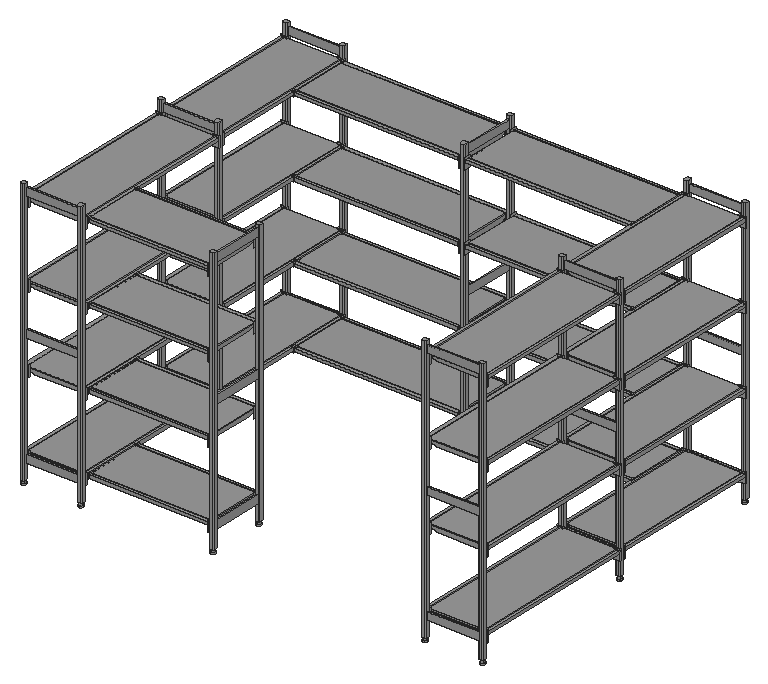
Revit family "QF_ELECTROLUXPROFESSIONAL_137106_CRS2820", category Attrezzature speciali, Revit 2020 (continued)
Definition of nested family "QF_886"
  Definition of nested family "WT_Anta373B"
    Automatic sketch dimensions
      Extrusion 7 sketch curve to plane 10 = 4.006 mm
      Extrusion 7 sketch curve to Extrusion 7 sketch curve = 34 mm  (x4)
      Extrusion 7 sketch curve to plane 11 = 4.006 mm
      Extrusion 7 sketch curve to plane 12 = 4.006 mm
      Extrusion 7 sketch curve to plane 13 = 4.006 mm
      Extrusion 7 sketch curve to plane 7 = 37.522 mm  (x4)
      Extrusion 7 sketch curve to plane 7 = 3.522 mm  (x4)
      plane 15 to Extrusion 7 sketch curve = 3.516 mm  (x4)
      plane 15 to Extrusion 7 sketch curve = 1.522 mm  (x4)
      plane 13 to Extrusion 7 sketch curve = 7.998 mm  (x2)
      Extrusion 7 sketch curve to Extrusion 7 sketch curve = 11.498 mm
      Extrusion 7 sketch curve to Extrusion 7 sketch curve = 6.499 mm  (x5)
      plane 12 to Extrusion 7 sketch curve = 25.994 mm  (x2)
      plane 12 to Extrusion 7 sketch curve = 7.998 mm  (x2)
      plane 11 to Extrusion 7 sketch curve = 25.994 mm  (x2)
      plane 11 to Extrusion 7 sketch curve = 7.998 mm  (x2)
      plane 10 to Extrusion 7 sketch curve = 25.994 mm  (x2)
      plane 10 to Extrusion 7 sketch curve = 7.998 mm  (x2)
      curve 25 to plane 18 = 0 mm
      plane 8 to curve 25 = 4.471 mm
      curve 25 to plane 7 = 4.516 mm
      Extrusion 8 sketch curve to plane 8 = 0 mm  (x3)
      Extrusion 8 sketch curve to plane 7 = 0 mm  (x3)
      Extrusion 8 sketch curve to plane 10 = 22.496 mm
      plane 10 to Extrusion 8 sketch curve = 22.496 mm
      plane 11 to Extrusion 8 sketch curve = 187.504 mm
      Extrusion 8 sketch curve to Extrusion 8 sketch curve = 44.992 mm
      plane 13 to Extrusion 8 sketch curve = 37.504 mm
      Extrusion 8 sketch curve to plane 5 "TOP" = 17.504 mm
Definition of nested family "QF_974"
  Parameters
    Default Elevation = 0 mm
    Model = "137013"
    Manufacturer = "Electrolux Professional"
    Description = ""
  Reference planes
    plane 1: z = 0
    plane 2 "Center (Left/Right)": x = -31
    plane 3 "LEFT": x = -550
    plane 4 "RIGHT": x = 488
    plane 5 "BACK": y = 23
    plane 6 "FRONT": y = -350
    plane 7 "TOP": z = 1700
    plane 8: x = 483
    plane 9: x = -518
    plane 10: x = 456
    plane 11 "Center (Front/Back)": y = -163.5
    plane 12: x = 451
    plane 13: y = -8.5
    plane 14: y = -318.5
    plane 15 "FEET": z = 25
    plane 16: z = 140
    plane 17: z = 590
    plane 18: z = 1040
    plane 19: z = 1490
    plane 20 "CXLeft": x = -536
    plane 21 "CXRight": x = 474
    plane 22: y = 5.5
    plane 23 "CYBack": y = 5.5
    plane 24 "CYFront": y = -332.5
  Forms (mm)
    Extrusion 1, solid
      sketch origin (-550, 0, 0) x (0, 1, 0) y (0, 0, 1)
        loop
          line (4, 1515.994) -> (4, 1497.998) -> (23, 1497.998) -> (23, 1515.994) -> (4, 1515.994)
        loop
          line (-331, 1515.994) -> (-350, 1515.994) -> (-350, 1497.998) -> (-331, 1497.998) -> (-331, 1515.994)
        loop
          line (4, 1065.994) -> (4, 1047.998) -> (23, 1047.998) -> (23, 1065.994) -> (4, 1065.994)
        loop
          line (-331, 1065.994) -> (-350, 1065.994) -> (-350, 1047.998) -> (-331, 1047.998) -> (-331, 1065.994)
        loop
          line (4, 615.994) -> (4, 597.998) -> (23, 597.998) -> (23, 615.994) -> (4, 615.994)
        loop
          line (-331, 615.994) -> (-350, 615.994) -> (-350, 597.998) -> (-331, 597.998) -> (-331, 615.994)
        loop
          line (4, 165.994) -> (4, 147.998) -> (23, 147.998) -> (23, 165.994) -> (4, 165.994)
        loop
          line (-331, 165.994) -> (-350, 165.994) -> (-350, 147.998) -> (-331, 147.998) -> (-331, 165.994)
      from 32 to 1006
    Extrusion 2, solid
      sketch origin (-550, 0, 135) x (0, 1, 0) y (0, 0, 1)
        loop
          line (2.007, 1380.994) -> (-329, 1380.994) -> (-329, 1374.496) -> (2.007, 1374.496) -> (2.007, 1380.994)
        loop
          line (2.007, 930.994) -> (-329, 930.994) -> (-329, 924.496) -> (2.007, 924.496) -> (2.007, 930.994)
        loop
          line (2.007, 480.994) -> (-329, 480.994) -> (-329, 474.496) -> (2.007, 474.496) -> (2.007, 480.994)
        loop
          line (2.007, 30.994) -> (-329, 30.994) -> (-329, 24.496) -> (2.007, 24.496) -> (2.007, 30.994)
      from 32 to 1006
    Extrusion 3, solid
      sketch origin (488, 0, 135) x (0, 1, 0) y (0, 0, 1)
        loop
          line (-12, 1362.998) -> (4, 1362.998) -> (4, 1380.994) -> (2.007, 1380.994) -> (2.007, 1374.496) -> (-329, 1374.496) -> (-329, 1380.994) -> (-331, 1380.994) -> (-331, 1362.998) -> (-315, 1362.998) -> (-281, 1350.994) -> (-46, 1350.994) -> (-12, 1362.998)
        loop
          line (-12, 912.998) -> (4, 912.998) -> (4, 930.994) -> (2.007, 930.994) -> (2.007, 924.496) -> (-329, 924.496) -> (-329, 930.994) -> (-331, 930.994) -> (-331, 912.998) -> (-315, 912.998) -> (-281, 900.994) -> (-46, 900.994) -> (-12, 912.998)
        loop
          line (-12, 462.998) -> (4, 462.998) -> (4, 480.994) -> (2.007, 480.994) -> (2.007, 474.496) -> (-329, 474.496) -> (-329, 480.994) -> (-331, 480.994) -> (-331, 462.998) -> (-315, 462.998) -> (-281, 450.994) -> (-46, 450.994) -> (-12, 462.998)
        loop
          line (-12, 12.998) -> (4, 12.998) -> (4, 30.994) -> (2.007, 30.994) -> (2.007, 24.496) -> (-329, 24.496) -> (-329, 30.994) -> (-331, 30.994) -> (-331, 12.998) -> (-315, 12.998) -> (-281, 0.994) -> (-46, 0.994) -> (-12, 12.998)
      from -32 to -37
  Lines and regions (mm)
    symbolic lines
      curve 1: line (456, 4, 1700) -> (-518, 4, 1700)
      curve 2: line (-522, 23, 1700) -> (460, 23, 1700)
      curve 3: line (460, 13.246, 1700) -> (466.254, 19.5, 1700)
      curve 4: line (466.254, -8.5, 1700) -> (460, -2.246, 1700)
      curve 5: line (466.254, -318.5, 1700) -> (460, -324.754, 1700)
      curve 6: line (-522, -350, 1700) -> (460, -350, 1700)
      curve 7: line (460, 23, 1700) -> (460, -12.993, 1700)
      curve 8: line (460, -12.993, 1700) -> (456, -12.993, 1700)
      curve 9: line (460, -350, 1700) -> (460, -314.007, 1700)
      curve 10: line (460, -314.007, 1700) -> (456, -314.007, 1700)
      curve 11: line (-518, -12.993, 1700) -> (-518, -314.007, 1700)
      curve 12: line (-518, -331, 1700) -> (456, -331, 1700)
      curve 13: line (456, -12.993, 1700) -> (456, -314.007, 1700)
  Dimensions and locks
    locked: plane 3 "LEFT" to plane 4 "RIGHT" at 1038
    equal spacing: plane 3 "LEFT", plane 2 "Center (Left/Right)", plane 4 "RIGHT"
    locked: plane 7 "TOP" to level at 1700
    locked: plane 5 "BACK" to plane 6 "FRONT" at 373
    locked: plane 4 "RIGHT" to plane 8 at 5
    locked: plane 9 to plane 10 at 974
    locked: plane 3 "LEFT" to plane 9 at 32
    plane 12 to plane 10 = 5 mm
    locked: plane 13 to plane 14 at 310
    equal spacing: plane 13, plane 11 "Center (Front/Back)", plane 14
    equal spacing: plane 5 "BACK", plane 11 "Center (Front/Back)", plane 6 "FRONT"
    plane 15 "FEET" to level = 25 mm
    plane 7 "TOP" to plane 15 "FEET" = 1675 mm
    plane 17 to plane 16 = 450 mm
    plane 18 to plane 17 = 450 mm
    plane 19 to plane 18 = 450 mm
    locked: plane 3 "LEFT" to plane 20 "CXLeft" at 14
    locked: plane 21 "CXRight" to plane 4 "RIGHT" at 14
    locked: plane 5 "BACK" to plane 23 "CYBack" at 17.5
    locked: plane 24 "CYFront" to plane 6 "FRONT" at 17.5
    plane 16 to level = 140 mm
    plane 17 to level = 590 mm
    plane 18 to level = 1040 mm
    plane 19 to level = 1490 mm
    aligned and locked: level to plane 1
    aligned and locked: plane 9 to Extrusion 2
    aligned and locked: Extrusion 2 to plane 10
    aligned and locked: plane 9 to Extrusion 1
    aligned and locked: Extrusion 1 to plane 10
    aligned and locked: Extrusion 1 sketch curve to Extrusion 1 sketch curve  (x2)
    aligned and locked: Extrusion 3 sketch curve to Extrusion 3 sketch curve  (x3)
    aligned and locked: Extrusion 3 to plane 12
    aligned and locked: Extrusion 3 to plane 10
    aligned and locked: plane 20 "CXLeft" to nested 1
    aligned and locked: plane 21 "CXRight" to nested 2
  Automatic sketch dimensions
    Extrusion 1 sketch curve to plane 6 "FRONT" = 0 mm  (x4)
    Extrusion 1 sketch curve to plane 5 "BACK" = 0 mm  (x4)
    plane 24 "CYFront" to Extrusion 1 sketch curve = 1.5 mm  (x2)
    plane 22 to Extrusion 1 sketch curve = 1.5 mm  (x4)
    plane 16 to Extrusion 1 sketch curve = 7.998 mm  (x2)
    Extrusion 1 sketch curve to Extrusion 1 sketch curve = 17.997 mm  (x8)
    plane 17 to Extrusion 1 sketch curve = 7.998 mm  (x2)
    plane 18 to Extrusion 1 sketch curve = 7.998 mm  (x2)
    plane 19 to Extrusion 1 sketch curve = 7.998 mm  (x2)
    plane 24 "CYFront" to Extrusion 2 sketch curve = 3.5 mm  (x4)
    plane 22 to Extrusion 2 sketch curve = 3.493 mm  (x4)
    plane 16 to Extrusion 2 sketch curve = 19.496 mm
    Extrusion 2 sketch curve to Extrusion 2 sketch curve = 6.499 mm  (x4)
    plane 17 to Extrusion 2 sketch curve = 19.496 mm
    plane 18 to Extrusion 2 sketch curve = 19.496 mm
    plane 19 to Extrusion 2 sketch curve = 19.496 mm
    plane 24 "CYFront" to Extrusion 3 sketch curve = 1.5 mm  (x4)
    Extrusion 3 sketch curve to Extrusion 3 sketch curve = 2 mm
    plane 14 to Extrusion 3 sketch curve = 3.5 mm  (x4)
    Extrusion 3 sketch curve to plane 16 = 4.006 mm
    Extrusion 3 sketch curve to Extrusion 3 sketch curve = 34 mm  (x4)
    Extrusion 3 sketch curve to plane 17 = 4.006 mm
    Extrusion 3 sketch curve to plane 18 = 4.006 mm
    Extrusion 3 sketch curve to plane 19 = 4.006 mm
    Extrusion 3 sketch curve to plane 13 = 37.5 mm  (x4)
    Extrusion 3 sketch curve to plane 13 = 3.5 mm  (x4)
    plane 22 to Extrusion 3 sketch curve = 3.493 mm  (x4)
    plane 22 to Extrusion 3 sketch curve = 1.5 mm  (x4)
    plane 16 to Extrusion 3 sketch curve = 7.998 mm  (x2)
    Extrusion 3 sketch curve to Extrusion 3 sketch curve = 11.498 mm  (x4)
    Extrusion 3 sketch curve to Extrusion 3 sketch curve = 6.499 mm  (x8)
    plane 17 to Extrusion 3 sketch curve = 7.998 mm  (x2)
    plane 18 to Extrusion 3 sketch curve = 7.998 mm  (x2)
    plane 19 to Extrusion 3 sketch curve = 7.998 mm  (x2)
    curve 6 to plane 6 "FRONT" = 0 mm
    curve 12 to plane 9 = 0 mm
    curve 12 to plane 10 = 0 mm
    curve 5 to plane 14 = 0 mm
    curve 11 to plane 9 = 0 mm
    curve 8 to plane 10 = 0 mm
    curve 4 to plane 13 = 0 mm
    curve 1 to plane 9 = 0 mm
    curve 1 to plane 10 = 0 mm
    curve 2 to plane 5 "BACK" = 0 mm
    plane 14 to curve 10 = 4.493 mm
    curve 7 to plane 13 = 4.493 mm
    curve 10 to plane 10 = 4 mm
    curve 7 to plane 10 = 4 mm
    plane 24 "CYFront" to curve 12 = 1.5 mm
    curve 5 to plane 14 = 6.254 mm
    plane 14 to curve 11 = 4.493 mm
    curve 11 to plane 13 = 4.493 mm
    plane 13 to curve 4 = 6.254 mm
    plane 22 to curve 1 = 1.5 mm
    curve 3 to plane 22 = 7.746 mm
    curve 3 to plane 5 "BACK" = 3.5 mm
    curve 5 to curve 9 = 6.254 mm
    curve 3 to curve 2 = 6.254 mm
    curve 4 to curve 7 = 6.254 mm
    plane 9 to curve 2 = 4 mm
    plane 9 to curve 6 = 4 mm
  Nested families
    nested 1: "WT_Anta373B" at (-133, 0, 0), type "WT_Anta373B"
    nested 2: "WT_Anta373B" at (71, 0, 0) x (-1, 0, 0) z (0, 0, 1), type "WT_Anta373B"
  Definition of nested family "WT_Anta373B"
    Parameters
      WidthLeft = A + 64 mm  # 772 mm
      Width = 1606 mm
      Right = WidthLeft / 2  # 386 mm
      Default Elevation = 0 mm
      Left = -WidthLeft / 2  # -386 mm
      Height = 1590 mm
      FEET = 25 mm
      E = 0 mm
      Dint = Depth - 63 mm  # 310 mm
      Dext = Depth - 8 mm  # 365 mm
      Depth = 373 mm
      DX = (WidthLeft - A) / 2  # 32 mm
      B = 798 mm
      A = 708 mm
    Reference planes
      plane 1: z = 0
      plane 2 "LEFT": x = -417
      plane 3 "BACK": y = 23
      plane 4 "FRONT": y = -350
      plane 5 "TOP": z = 1590
      plane 6 "Center (Front/Back)": y = -163.5
      plane 7: y = -8.5
      plane 8: y = -318.5
      plane 9 "FEET": z = 25
      plane 10: z = 140
      plane 11: z = 590
      plane 12: z = 1040
      plane 13: z = 1490
      plane 14 "CXLeft": x = -403
      plane 15: y = 5.5
      plane 16 "CYBack": y = 5.5
      plane 17 "CYFront": y = -332.5
      plane 18: x = -385.031
      plane 19: x = -380.031
    Forms (mm)
      Extrusion 1, solid
        sketch origin (0, 0, 0) x (1, 0, 0) y (0, 1, 0)
          loop
            line (-417, 13.246) -> (-417, -2.246) -> (-410.746, -8.5) -> (-395.254, -8.5) -> (-389, -2.246) -> (-389, 13.246) -> (-395.254, 19.5) -> (-410.746, 19.5) -> (-417, 13.246)
        from 1590 to 25
      Extrusion 2, solid
        sketch origin (-417, 0, 0) x (0, 1, 0) y (0, 0, 1)
          loop
            line (23, 111.005) -> (23, 172.993) -> (-12.993, 172.993) -> (-12.993, 111.005) -> (23, 111.005)
          loop
            line (-350, 111.005) -> (-314.007, 111.005) -> (-314.007, 172.993) -> (-350, 172.993) -> (-350, 111.005)
          loop
            line (23, 561.005) -> (23, 622.993) -> (-12.993, 622.993) -> (-12.993, 561.005) -> (23, 561.005)
          loop
            line (-350, 561.005) -> (-314.007, 561.005) -> (-314.007, 622.993) -> (-350, 622.993) -> (-350, 561.005)
          loop
            line (23, 1011.005) -> (23, 1072.993) -> (-12.993, 1072.993) -> (-12.993, 1011.005) -> (23, 1011.005)
          loop
            line (-350, 1011.005) -> (-314.007, 1011.005) -> (-314.007, 1072.993) -> (-350, 1072.993) -> (-350, 1011.005)
          loop
            line (23, 1461.005) -> (23, 1522.993) -> (-12.993, 1522.993) -> (-12.993, 1461.005) -> (23, 1461.005)
          loop
            line (-350, 1461.005) -> (-314.007, 1461.005) -> (-314.007, 1522.993) -> (-350, 1522.993) -> (-350, 1461.005)
        from 28 to 32
      Revolve 3, solid
        sketch origin (-403, 0, 0) x (0, 1, 0) y (0, 0, 1)
          loop
            line (5.5, 25) -> (5.5, 0) -> (19, 0) -> (19, 5) -> (14, 5) -> (14, 25) -> (5.5, 25)
          axis (5.5, 25) -> (5.5, 0)
        angle from 0 to 360
      Extrusion 4, solid
        sketch origin (-403, 0, 0) x (0, 1, 0) y (0, 0, 1)
          loop
            line (-8.5, 777.382) -> (-8.5, 822.374) -> (-318.5, 822.374) -> (-318.5, 777.382) -> (-8.5, 777.382)
          loop
            line (-8.5, 1527.244) -> (-8.5, 1572.236) -> (-318.5, 1572.236) -> (-318.5, 1527.244) -> (-8.5, 1527.244)
        from -5 to 5
      Revolve 5, solid
        sketch origin (-403, -627, 0) x (0, -1, 0) y (0, 0, 1)
          loop
            line (-294.5, 25) -> (-294.5, 0) -> (-281, 0) -> (-281, 5) -> (-286, 5) -> (-286, 25) -> (-294.5, 25)
          axis (-294.5, 25) -> (-294.5, 0)
        angle from 0 to 360
      Extrusion 6, solid
        sketch origin (0, -627, 0) x (1, 0, 0) y (0, 1, 0)
          loop
            line (-417, 286.754) -> (-410.746, 280.5) -> (-395.254, 280.5) -> (-389, 286.754) -> (-389, 302.246) -> (-395.254, 308.5) -> (-410.746, 308.5) -> (-417, 302.246) -> (-417, 286.754)
        from 1590 to 25
      Extrusion 7, solid
        sketch origin (-417.031, -0.022, 0) x (0, 1, 0) y (0, 0, -1)
          loop
            line (-12, -1497.998) -> (-46, -1485.994) -> (-281, -1485.994) -> (-315, -1497.998) -> (-331, -1497.998) -> (-331, -1515.994) -> (-329, -1515.994) -> (-329, -1509.496) -> (2.007, -1509.496) -> (2.007, -1515.994) -> (4, -1515.994) -> (4, -1497.998) -> (-12, -1497.998)
          loop
            line (-12, -1047.998) -> (-46, -1035.994) -> (-281, -1035.994) -> (-315, -1047.998) -> (-331, -1047.998) -> (-331, -1065.994) -> (-329, -1065.994) -> (-329, -1059.496) -> (2.007, -1059.496) -> (2.007, -1065.994) -> (4, -1065.994) -> (4, -1047.998) -> (-12, -1047.998)
          loop
            line (-12, -597.998) -> (-46, -585.994) -> (-281, -585.994) -> (-315, -597.998) -> (-331, -597.998) -> (-331, -615.994) -> (-329, -615.994) -> (-329, -609.496) -> (2.007, -609.496) -> (2.007, -615.994) -> (4, -615.994) -> (4, -597.998) -> (-12, -597.998)
          loop
            line (-12, -147.998) -> (-46, -135.994) -> (-281, -135.994) -> (-315, -147.998) -> (-331, -147.998) -> (-331, -165.994) -> (-329, -165.994) -> (-329, -159.496) -> (2.007, -159.496) -> (2.007, -165.994) -> (4, -165.994) -> (4, -147.998) -> (-12, -147.998)
        from -32 to -37
      Extrusion 8, solid
        sketch origin (-403, 0, -659.878) x (0, 1, 0) y (0, 0, 1)
          loop
            line (-8.5, 777.382) -> (-8.5, 822.374) -> (-318.5, 822.374) -> (-318.5, 777.382) -> (-8.5, 777.382)
          loop
            line (-8.5, 1437.382) -> (-8.5, 1482.374) -> (-318.5, 1482.374) -> (-318.5, 1437.382) -> (-8.5, 1437.382)
          loop
            line (-8.5, 2187.382) -> (-8.5, 2232.374) -> (-318.5, 2232.374) -> (-318.5, 2187.382) -> (-8.5, 2187.382)
        from -5 to 5
    Lines and regions (mm)
      symbolic lines
        curve 1: line (-408, -8.5, 1590) -> (-408, -318.5, 1590)
        curve 2: line (-398, -318.5, 1590) -> (-398, -8.5, 1590)
        curve 3: line (-395.254, -8.5, 1590) -> (-410.746, -8.5, 1590)
        curve 4: line (-417, -2.246, 1590) -> (-410.746, -8.5, 1590)
        curve 5: line (-417, 13.246, 1590) -> (-417, -2.246, 1590)
        curve 6: line (-410.746, 19.5, 1590) -> (-417, 13.246, 1590)
        curve 7: line (-395.254, 19.5, 1590) -> (-410.746, 19.5, 1590)
        curve 8: line (-389, 13.246, 1590) -> (-395.254, 19.5, 1590)
        curve 9: line (-395.254, -8.5, 1590) -> (-389, -2.246, 1590)
        curve 10: line (-395.254, -318.5, 1590) -> (-410.746, -318.5, 1590)
        curve 11: line (-417, -324.754, 1590) -> (-410.746, -318.5, 1590)
        curve 12: line (-410.746, -346.5, 1590) -> (-417, -340.246, 1590)
        curve 13: line (-395.254, -346.5, 1590) -> (-410.746, -346.5, 1590)
        curve 14: line (-389, -340.246, 1590) -> (-395.254, -346.5, 1590)
        curve 15: line (-395.254, -318.5, 1590) -> (-389, -324.754, 1590)
        curve 16: line (-389, -350, 1590) -> (-389, -314.007, 1590)
        curve 17: line (-389, -314.007, 1590) -> (-385, -314.007, 1590)
        curve 18: line (-389, 23, 1590) -> (-389, -12.993, 1590)
        curve 19: line (-389, -12.993, 1590) -> (-385, -12.993, 1590)
        curve 20: line (-417, -324.754, 1590) -> (-417, -340.246, 1590)
        curve 21: line (-385, -350, 1590) -> (-385, -314.007, 1590)
        curve 22: line (-385, -350, 1590) -> (-389, -350, 1590)
        curve 23: line (-385, 23, 1590) -> (-389, 23, 1590)
        curve 24: line (-385, -12.993, 1590) -> (-385, 23, 1590)
        curve 25: line (-385.031, -13.016, 1725) -> (-385.031, -314.029, 1725)
    Dimensions and locks
      "Depth": plane 3 "BACK" to plane 4 "FRONT"
      "Dint": plane 7 to plane 8
      equal spacing: plane 7, plane 6 "Center (Front/Back)", plane 8
      equal spacing: plane 3 "BACK", plane 6 "Center (Front/Back)", plane 4 "FRONT"
      plane 9 "FEET" to level = 25 mm
      plane 10 to plane 9 "FEET" = 115 mm
      plane 11 to plane 10 = 450 mm
      plane 12 to plane 11 = 450 mm
      plane 13 to plane 12 = 450 mm
      locked: plane 2 "LEFT" to plane 14 "CXLeft" at 14
      locked: plane 3 "BACK" to plane 16 "CYBack" at 17.5
      locked: plane 17 "CYFront" to plane 4 "FRONT" at 17.5
      locked: Revolve 3 sketch curve to Revolve 3 sketch curve at 8.5
      locked: Revolve 3 sketch curve to plane 16 "CYBack" at 13.5
      locked: Revolve 5 sketch curve to Revolve 5 sketch curve at 8.5
      plane 10 to level = 140 mm
      plane 11 to level = 590 mm
      plane 12 to level = 1040 mm
      plane 13 to level = 1490 mm
      "Height": plane 5 "TOP" to level
      aligned and locked: level to plane 1
      aligned and locked: curve 20 to Extrusion 6
      aligned and locked: plane 5 "TOP" to Extrusion 1
      aligned and locked: plane 5 "TOP" to Extrusion 6
      aligned and locked: Extrusion 7 sketch curve to Extrusion 7 sketch curve  (x3)
    Automatic sketch dimensions
      curve 16 to plane 4 "FRONT" = 0 mm
      curve 11 to plane 8 = 0 mm
      curve 9 to plane 7 = 0 mm
      curve 5 to plane 2 "LEFT" = 0 mm
      curve 23 to plane 3 "BACK" = 0 mm
      plane 4 "FRONT" to curve 13 = 3.5 mm
      curve 20 to plane 17 "CYFront" = 7.746 mm
      curve 20 to plane 8 = 6.254 mm
      plane 8 to curve 16 = 4.493 mm
      curve 24 to plane 18 = 0.031 mm
      curve 24 to plane 7 = 4.493 mm
      plane 7 to curve 5 = 6.254 mm
      curve 5 to plane 15 = 7.746 mm
      curve 6 to plane 3 "BACK" = 3.5 mm
      curve 21 to plane 18 = 0.031 mm
      plane 18 to curve 23 = 3.969 mm
      plane 18 to curve 16 = 3.969 mm
      curve 18 to curve 8 = 6.254 mm
      curve 18 to curve 3 = 6.254 mm
      curve 16 to curve 13 = 6.254 mm
      curve 16 to curve 15 = 6.254 mm
      plane 2 "LEFT" to curve 10 = 6.254 mm
      plane 2 "LEFT" to curve 7 = 6.254 mm
      plane 2 "LEFT" to curve 12 = 6.254 mm
      plane 2 "LEFT" to curve 3 = 6.254 mm
      curve 14 to plane 17 "CYFront" = 7.746 mm
      curve 15 to plane 8 = 6.254 mm
      plane 7 to curve 9 = 6.254 mm
      curve 8 to plane 15 = 7.746 mm
      curve 3 to curve 2 = 2.746 mm
      curve 1 to curve 10 = 2.746 mm
      Extrusion 1 sketch curve to plane 2 "LEFT" = 0 mm
      Extrusion 1 sketch curve to plane 7 = 0 mm
      plane 2 "LEFT" to Extrusion 1 sketch curve = 6.254 mm  (x2)
      plane 14 "CXLeft" to Extrusion 1 sketch curve = 7.746 mm  (x2)
      Extrusion 1 sketch curve to plane 3 "BACK" = 3.5 mm
      plane 18 to Extrusion 1 sketch curve = 3.969 mm
      plane 7 to Extrusion 1 sketch curve = 6.254 mm  (x2)
      Extrusion 1 sketch curve to plane 15 = 7.746 mm  (x2)
      Extrusion 2 sketch curve to plane 4 "FRONT" = 0 mm  (x4)
      Extrusion 2 sketch curve to plane 3 "BACK" = 0 mm  (x4)
      plane 8 to Extrusion 2 sketch curve = 4.493 mm  (x4)
      Extrusion 2 sketch curve to plane 7 = 4.493 mm  (x4)
      Extrusion 2 sketch curve to plane 10 = 28.995 mm  (x2)
      plane 10 to Extrusion 2 sketch curve = 32.993 mm  (x2)
      Extrusion 2 sketch curve to plane 11 = 28.995 mm  (x2)
      plane 11 to Extrusion 2 sketch curve = 32.993 mm  (x2)
      Extrusion 2 sketch curve to plane 12 = 28.995 mm  (x2)
      plane 12 to Extrusion 2 sketch curve = 32.993 mm  (x2)
      Extrusion 2 sketch curve to plane 13 = 28.995 mm  (x2)
      plane 13 to Extrusion 2 sketch curve = 32.993 mm  (x2)
      Revolve 3 sketch curve to plane 9 "FEET" = 0 mm  (x2)
      Revolve 3 sketch curve to plane 15 = 0 mm  (x2)
      Revolve 3 sketch curve to level = 0 mm
      level to Revolve 3 sketch curve = 5 mm
      Revolve 3 sketch curve to Revolve 3 sketch curve = 11.655 mm
      Extrusion 4 sketch curve to plane 8 = 0 mm  (x2)
      Extrusion 4 sketch curve to plane 7 = 0 mm  (x2)
      plane 11 to Extrusion 4 sketch curve = 187.382 mm
      Extrusion 4 sketch curve to Extrusion 4 sketch curve = 44.992 mm
      plane 13 to Extrusion 4 sketch curve = 37.244 mm
      Extrusion 4 sketch curve to plane 5 "TOP" = 17.764 mm
      Revolve 5 sketch curve to plane 9 "FEET" = 0 mm  (x2)
      Revolve 5 sketch curve to plane 17 "CYFront" = 0 mm  (x2)
      Revolve 5 sketch curve to level = 0 mm
      Revolve 5 sketch curve to plane 4 "FRONT" = 4 mm
      Revolve 5 sketch curve to Revolve 5 sketch curve = 5 mm
      level to Revolve 5 sketch curve = 11.655 mm
      Extrusion 6 sketch curve to plane 2 "LEFT" = 0 mm
      Extrusion 6 sketch curve to plane 8 = 0 mm
      Extrusion 6 sketch curve to plane 2 "LEFT" = 6.254 mm  (x2)
      Extrusion 6 sketch curve to plane 14 "CXLeft" = 7.746 mm  (x2)
      Extrusion 6 sketch curve to plane 4 "FRONT" = 3.5 mm
      Extrusion 6 sketch curve to plane 18 = 3.969 mm
      plane 8 to Extrusion 6 sketch curve = 6.254 mm  (x2)
      plane 17 "CYFront" to Extrusion 6 sketch curve = 7.746 mm  (x2)
      plane 17 "CYFront" to Extrusion 7 sketch curve = 1.478 mm  (x4)
      Extrusion 7 sketch curve to Extrusion 7 sketch curve = 2 mm
      plane 8 to Extrusion 7 sketch curve = 3.478 mm  (x4)
      Extrusion 7 sketch curve to plane 10 = 4.006 mm
      Extrusion 7 sketch curve to Extrusion 7 sketch curve = 34 mm  (x4)
      Extrusion 7 sketch curve to plane 11 = 4.006 mm
      Extrusion 7 sketch curve to plane 12 = 4.006 mm
      Extrusion 7 sketch curve to plane 13 = 4.006 mm
      Extrusion 7 sketch curve to plane 7 = 37.522 mm  (x4)
      Extrusion 7 sketch curve to plane 7 = 3.522 mm  (x4)
      plane 15 to Extrusion 7 sketch curve = 3.516 mm  (x4)
      plane 15 to Extrusion 7 sketch curve = 1.522 mm  (x4)
      plane 13 to Extrusion 7 sketch curve = 7.998 mm  (x2)
      Extrusion 7 sketch curve to Extrusion 7 sketch curve = 11.498 mm
      Extrusion 7 sketch curve to Extrusion 7 sketch curve = 6.499 mm  (x5)
      plane 12 to Extrusion 7 sketch curve = 25.994 mm  (x2)
      plane 12 to Extrusion 7 sketch curve = 7.998 mm  (x2)
      plane 11 to Extrusion 7 sketch curve = 25.994 mm  (x2)
      plane 11 to Extrusion 7 sketch curve = 7.998 mm  (x2)
      plane 10 to Extrusion 7 sketch curve = 25.994 mm  (x2)
      plane 10 to Extrusion 7 sketch curve = 7.998 mm  (x2)
      curve 25 to plane 18 = 0 mm
      plane 8 to curve 25 = 4.471 mm
      curve 25 to plane 7 = 4.516 mm
      Extrusion 8 sketch curve to plane 8 = 0 mm  (x3)
      Extrusion 8 sketch curve to plane 7 = 0 mm  (x3)
      Extrusion 8 sketch curve to plane 10 = 22.496 mm
      plane 10 to Extrusion 8 sketch curve = 22.496 mm
      plane 11 to Extrusion 8 sketch curve = 187.504 mm
      Extrusion 8 sketch curve to Extrusion 8 sketch curve = 44.992 mm
      plane 13 to Extrusion 8 sketch curve = 37.504 mm
      Extrusion 8 sketch curve to plane 5 "TOP" = 17.504 mm
Definition of nested family "QF_708G"
  Parameters
    Default Elevation = 0 mm
    Model = "137030"
    Manufacturer = "Electrolux Professional"
    Description = ""
  Reference planes
    plane 1: z = 0
    plane 2 "Center (F/B)": y = -163.5
    plane 3 "Front": y = -549.5
    plane 4 "Left": x = -217.5
    plane 5 "Right": x = 155.5
    plane 6 "TOP": z = 1700
    plane 7: y = -517.5
    plane 8: y = 190.5
    plane 9 "Center (Left/Right)": x = -31
    plane 10: y = 185.5
    plane 11: x = -186
    plane 12: x = 124
    plane 13 "FEET": z = 25
    plane 14: z = 140
    plane 15: z = 590
    plane 16: z = 1040
    plane 17: z = 1490
    plane 18 "CXLeft": y = -535.5
    plane 19: x = -200
    plane 20 "CYBack": x = -200
    plane 21 "CYFront": x = 138
    plane 22 "Back": y = 194.5
    plane 23 "LEFT_ORIGIN": x = -251.5
    plane 24 "BACK_Origin": y = 567.5
  Forms (mm)
    Extrusion 1, solid
      sketch origin (0, -549.5, 0) x (-1, 0, 0) y (0, 0, 1)
        loop
          line (198.5, 1515.994) -> (198.5, 1497.998) -> (217.5, 1497.998) -> (217.5, 1515.994) -> (198.5, 1515.994)
        loop
          line (-136.5, 1515.994) -> (-155.5, 1515.994) -> (-155.5, 1497.998) -> (-136.5, 1497.998) -> (-136.5, 1515.994)
        loop
          line (198.5, 1065.994) -> (198.5, 1047.998) -> (217.5, 1047.998) -> (217.5, 1065.994) -> (198.5, 1065.994)
        loop
          line (-136.5, 1065.994) -> (-155.5, 1065.994) -> (-155.5, 1047.998) -> (-136.5, 1047.998) -> (-136.5, 1065.994)
        loop
          line (198.5, 615.994) -> (198.5, 597.998) -> (217.5, 597.998) -> (217.5, 615.994) -> (198.5, 615.994)
        loop
          line (-136.5, 615.994) -> (-155.5, 615.994) -> (-155.5, 597.998) -> (-136.5, 597.998) -> (-136.5, 615.994)
        loop
          line (198.5, 165.994) -> (198.5, 147.998) -> (217.5, 147.998) -> (217.5, 165.994) -> (198.5, 165.994)
        loop
          line (-136.5, 165.994) -> (-155.5, 165.994) -> (-155.5, 147.998) -> (-136.5, 147.998) -> (-136.5, 165.994)
      from 32 to 740
    Extrusion 2, solid
      sketch origin (0, -549.5, 0) x (-1, 0, 0) y (0, 0, 1)
        loop
          line (196.507, 1515.994) -> (-134.5, 1515.994) -> (-134.5, 1509.496) -> (196.507, 1509.496) -> (196.507, 1515.994)
        loop
          line (196.507, 1065.994) -> (-134.5, 1065.994) -> (-134.5, 1059.496) -> (196.507, 1059.496) -> (196.507, 1065.994)
        loop
          line (196.507, 615.994) -> (-134.5, 615.994) -> (-134.5, 609.496) -> (196.507, 609.496) -> (196.507, 615.994)
        loop
          line (196.507, 165.994) -> (-134.5, 165.994) -> (-134.5, 159.496) -> (196.507, 159.496) -> (196.507, 165.994)
      from 32 to 740
  Lines and regions (mm)
    symbolic lines
      curve 1: line (-198.5, 190.5, 1700) -> (-198.5, -517.5, 1700)
      curve 2: line (-217.5, -521.5, 1700) -> (-217.5, 190.5, 1700)
      curve 3: line (155.5, -521.5, 1700) -> (155.5, 190.5, 1700)
      curve 4: line (-181.507, -517.5, 1700) -> (119.507, -517.5, 1700)
      curve 5: line (136.5, -517.5, 1700) -> (136.5, 190.5, 1700)
      curve 6: line (-198.5, 190.5, 1700) -> (136.5, 190.5, 1700)
  Dimensions and locks
    plane 3 "Front" to plane 2 "Center (F/B)" = 386 mm
    locked: plane 4 "Left" to plane 5 "Right" at 373
    locked: plane 7 to plane 8 at 708
    locked: plane 3 "Front" to plane 7 at 32
    plane 10 to plane 8 = 5 mm
    locked: plane 11 to plane 12 at 310
    equal spacing: plane 11, plane 9 "Center (Left/Right)", plane 12
    equal spacing: plane 4 "Left", plane 9 "Center (Left/Right)", plane 5 "Right"
    locked: plane 3 "Front" to plane 18 "CXLeft" at 14
    locked: plane 3 "Front" to plane 22 "Back" at 744
    plane 23 "LEFT_ORIGIN" to plane 5 "Right" = 407 mm
    locked: plane 22 "Back" to plane 24 "BACK_Origin" at 373
    plane 14 to level = 140 mm
    plane 15 to level = 590 mm
    plane 16 to level = 1040 mm
    locked: plane 6 "TOP" to level at 1700
    plane 17 to level = 1490 mm
    plane 13 "FEET" to level = 25 mm
    aligned and locked: level to plane 1
    aligned and locked: Extrusion 2 to plane 7
    aligned and locked: plane 8 to Extrusion 2
    aligned and locked: Extrusion 1 to plane 7
    aligned and locked: plane 8 to Extrusion 1
    aligned and locked: Extrusion 1 sketch curve to Extrusion 1 sketch curve  (x2)
    aligned and locked: nested 1 to plane 18 "CXLeft"
    aligned and locked: nested 2 to plane 10
  Automatic sketch dimensions
    curve 2 to plane 4 "Left" = 0 mm
    curve 3 to plane 5 "Right" = 0 mm
    plane 7 to curve 1 = 0 mm
    plane 7 to curve 4 = 0 mm
    plane 7 to curve 5 = 0 mm
    plane 8 to curve 2 = 0 mm
    plane 8 to curve 1 = 0 mm
    plane 8 to curve 3 = 0 mm
    plane 21 "CYFront" to curve 5 = 1.5 mm
    plane 19 to curve 6 = 1.5 mm
    plane 7 to curve 3 = 4 mm
    plane 7 to curve 2 = 4 mm
    plane 12 to curve 4 = 4.493 mm
    curve 4 to plane 11 = 4.493 mm
    plane 5 "Right" to Extrusion 1 sketch curve = 0 mm  (x4)
    plane 4 "Left" to Extrusion 1 sketch curve = 0 mm  (x4)
    plane 21 "CYFront" to Extrusion 1 sketch curve = 1.5 mm  (x2)
    plane 19 to Extrusion 1 sketch curve = 1.5 mm  (x4)
    plane 14 to Extrusion 1 sketch curve = 7.998 mm  (x2)
    Extrusion 1 sketch curve to Extrusion 1 sketch curve = 17.997 mm  (x8)
    plane 15 to Extrusion 1 sketch curve = 7.998 mm  (x2)
    plane 16 to Extrusion 1 sketch curve = 7.998 mm  (x2)
    plane 17 to Extrusion 1 sketch curve = 7.998 mm  (x2)
    plane 21 "CYFront" to Extrusion 2 sketch curve = 3.5 mm  (x4)
    plane 19 to Extrusion 2 sketch curve = 3.493 mm  (x4)
    plane 14 to Extrusion 2 sketch curve = 19.496 mm
    Extrusion 2 sketch curve to Extrusion 2 sketch curve = 6.499 mm  (x4)
    plane 15 to Extrusion 2 sketch curve = 19.496 mm
    plane 16 to Extrusion 2 sketch curve = 19.496 mm
    plane 17 to Extrusion 2 sketch curve = 19.496 mm
  Nested families
    nested 1: "WT_Anta373B" at (-194.5, -132.5, 0) x (0, 1, 0) z (0, 0, 1), type "WT_Anta373B"
    nested 2: "WT_Aggancio373B" at (-194.5, 602.5, 0) x (0, 1, 0) z (0, 0, 1), type "WT_Aggancio373B"
  Definition of nested family "WT_Anta373B"
    Parameters
      WidthLeft = A + 64 mm  # 772 mm
      Width = 1606 mm
      Right = WidthLeft / 2  # 386 mm
      Default Elevation = 0 mm
      Left = -WidthLeft / 2  # -386 mm
      Height = 1590 mm
      FEET = 25 mm
      E = 0 mm
      Dint = Depth - 63 mm  # 310 mm
      Dext = Depth - 8 mm  # 365 mm
      Depth = 373 mm
      DX = (WidthLeft - A) / 2  # 32 mm
      B = 798 mm
      A = 708 mm
    Reference planes
      plane 1: z = 0
      plane 2 "LEFT": x = -417
      plane 3 "BACK": y = 23
      plane 4 "FRONT": y = -350
      plane 5 "TOP": z = 1590
      plane 6 "Center (Front/Back)": y = -163.5
      plane 7: y = -8.5
      plane 8: y = -318.5
      plane 9 "FEET": z = 25
      plane 10: z = 140
      plane 11: z = 590
      plane 12: z = 1040
      plane 13: z = 1490
      plane 14 "CXLeft": x = -403
      plane 15: y = 5.5
      plane 16 "CYBack": y = 5.5
      plane 17 "CYFront": y = -332.5
      plane 18: x = -385.031
      plane 19: x = -380.031
    Forms (mm)
      Extrusion 1, solid
        sketch origin (0, 0, 0) x (1, 0, 0) y (0, 1, 0)
          loop
            line (-417, 13.246) -> (-417, -2.246) -> (-410.746, -8.5) -> (-395.254, -8.5) -> (-389, -2.246) -> (-389, 13.246) -> (-395.254, 19.5) -> (-410.746, 19.5) -> (-417, 13.246)
        from 1590 to 25
      Extrusion 2, solid
        sketch origin (-417, 0, 0) x (0, 1, 0) y (0, 0, 1)
          loop
            line (23, 111.005) -> (23, 172.993) -> (-12.993, 172.993) -> (-12.993, 111.005) -> (23, 111.005)
          loop
            line (-350, 111.005) -> (-314.007, 111.005) -> (-314.007, 172.993) -> (-350, 172.993) -> (-350, 111.005)
          loop
            line (23, 561.005) -> (23, 622.993) -> (-12.993, 622.993) -> (-12.993, 561.005) -> (23, 561.005)
          loop
            line (-350, 561.005) -> (-314.007, 561.005) -> (-314.007, 622.993) -> (-350, 622.993) -> (-350, 561.005)
          loop
            line (23, 1011.005) -> (23, 1072.993) -> (-12.993, 1072.993) -> (-12.993, 1011.005) -> (23, 1011.005)
          loop
            line (-350, 1011.005) -> (-314.007, 1011.005) -> (-314.007, 1072.993) -> (-350, 1072.993) -> (-350, 1011.005)
          loop
            line (23, 1461.005) -> (23, 1522.993) -> (-12.993, 1522.993) -> (-12.993, 1461.005) -> (23, 1461.005)
          loop
            line (-350, 1461.005) -> (-314.007, 1461.005) -> (-314.007, 1522.993) -> (-350, 1522.993) -> (-350, 1461.005)
        from 28 to 32
      Revolve 3, solid
        sketch origin (-403, 0, 0) x (0, 1, 0) y (0, 0, 1)
          loop
            line (5.5, 25) -> (5.5, 0) -> (19, 0) -> (19, 5) -> (14, 5) -> (14, 25) -> (5.5, 25)
          axis (5.5, 25) -> (5.5, 0)
        angle from 0 to 360
      Extrusion 4, solid
        sketch origin (-403, 0, 0) x (0, 1, 0) y (0, 0, 1)
          loop
            line (-8.5, 777.382) -> (-8.5, 822.374) -> (-318.5, 822.374) -> (-318.5, 777.382) -> (-8.5, 777.382)
          loop
            line (-8.5, 1527.244) -> (-8.5, 1572.236) -> (-318.5, 1572.236) -> (-318.5, 1527.244) -> (-8.5, 1527.244)
        from -5 to 5
      Revolve 5, solid
        sketch origin (-403, -627, 0) x (0, -1, 0) y (0, 0, 1)
          loop
            line (-294.5, 25) -> (-294.5, 0) -> (-281, 0) -> (-281, 5) -> (-286, 5) -> (-286, 25) -> (-294.5, 25)
          axis (-294.5, 25) -> (-294.5, 0)
        angle from 0 to 360
      Extrusion 6, solid
        sketch origin (0, -627, 0) x (1, 0, 0) y (0, 1, 0)
          loop
            line (-417, 286.754) -> (-410.746, 280.5) -> (-395.254, 280.5) -> (-389, 286.754) -> (-389, 302.246) -> (-395.254, 308.5) -> (-410.746, 308.5) -> (-417, 302.246) -> (-417, 286.754)
        from 1590 to 25
      Extrusion 7, solid
        sketch origin (-417.031, -0.022, 0) x (0, 1, 0) y (0, 0, -1)
          loop
            line (-12, -1497.998) -> (-46, -1485.994) -> (-281, -1485.994) -> (-315, -1497.998) -> (-331, -1497.998) -> (-331, -1515.994) -> (-329, -1515.994) -> (-329, -1509.496) -> (2.007, -1509.496) -> (2.007, -1515.994) -> (4, -1515.994) -> (4, -1497.998) -> (-12, -1497.998)
          loop
            line (-12, -1047.998) -> (-46, -1035.994) -> (-281, -1035.994) -> (-315, -1047.998) -> (-331, -1047.998) -> (-331, -1065.994) -> (-329, -1065.994) -> (-329, -1059.496) -> (2.007, -1059.496) -> (2.007, -1065.994) -> (4, -1065.994) -> (4, -1047.998) -> (-12, -1047.998)
          loop
            line (-12, -597.998) -> (-46, -585.994) -> (-281, -585.994) -> (-315, -597.998) -> (-331, -597.998) -> (-331, -615.994) -> (-329, -615.994) -> (-329, -609.496) -> (2.007, -609.496) -> (2.007, -615.994) -> (4, -615.994) -> (4, -597.998) -> (-12, -597.998)
          loop
            line (-12, -147.998) -> (-46, -135.994) -> (-281, -135.994) -> (-315, -147.998) -> (-331, -147.998) -> (-331, -165.994) -> (-329, -165.994) -> (-329, -159.496) -> (2.007, -159.496) -> (2.007, -165.994) -> (4, -165.994) -> (4, -147.998) -> (-12, -147.998)
        from -32 to -37
      Extrusion 8, solid
        sketch origin (-403, 0, -659.878) x (0, 1, 0) y (0, 0, 1)
          loop
            line (-8.5, 777.382) -> (-8.5, 822.374) -> (-318.5, 822.374) -> (-318.5, 777.382) -> (-8.5, 777.382)
          loop
            line (-8.5, 1437.382) -> (-8.5, 1482.374) -> (-318.5, 1482.374) -> (-318.5, 1437.382) -> (-8.5, 1437.382)
          loop
            line (-8.5, 2187.382) -> (-8.5, 2232.374) -> (-318.5, 2232.374) -> (-318.5, 2187.382) -> (-8.5, 2187.382)
        from -5 to 5
    Lines and regions (mm)
      symbolic lines
        curve 1: line (-408, -8.5, 1590) -> (-408, -318.5, 1590)
        curve 2: line (-398, -318.5, 1590) -> (-398, -8.5, 1590)
        curve 3: line (-395.254, -8.5, 1590) -> (-410.746, -8.5, 1590)
        curve 4: line (-417, -2.246, 1590) -> (-410.746, -8.5, 1590)
        curve 5: line (-417, 13.246, 1590) -> (-417, -2.246, 1590)
        curve 6: line (-410.746, 19.5, 1590) -> (-417, 13.246, 1590)
        curve 7: line (-395.254, 19.5, 1590) -> (-410.746, 19.5, 1590)
        curve 8: line (-389, 13.246, 1590) -> (-395.254, 19.5, 1590)
        curve 9: line (-395.254, -8.5, 1590) -> (-389, -2.246, 1590)
        curve 10: line (-395.254, -318.5, 1590) -> (-410.746, -318.5, 1590)
        curve 11: line (-417, -324.754, 1590) -> (-410.746, -318.5, 1590)
        curve 12: line (-410.746, -346.5, 1590) -> (-417, -340.246, 1590)
        curve 13: line (-395.254, -346.5, 1590) -> (-410.746, -346.5, 1590)
        curve 14: line (-389, -340.246, 1590) -> (-395.254, -346.5, 1590)
        curve 15: line (-395.254, -318.5, 1590) -> (-389, -324.754, 1590)
        curve 16: line (-389, -350, 1590) -> (-389, -314.007, 1590)
        curve 17: line (-389, -314.007, 1590) -> (-385, -314.007, 1590)
        curve 18: line (-389, 23, 1590) -> (-389, -12.993, 1590)
        curve 19: line (-389, -12.993, 1590) -> (-385, -12.993, 1590)
        curve 20: line (-417, -324.754, 1590) -> (-417, -340.246, 1590)
        curve 21: line (-385, -350, 1590) -> (-385, -314.007, 1590)
        curve 22: line (-385, -350, 1590) -> (-389, -350, 1590)
        curve 23: line (-385, 23, 1590) -> (-389, 23, 1590)
        curve 24: line (-385, -12.993, 1590) -> (-385, 23, 1590)
        curve 25: line (-385.031, -13.016, 1725) -> (-385.031, -314.029, 1725)
    Dimensions and locks
      "Depth": plane 3 "BACK" to plane 4 "FRONT"
      "Dint": plane 7 to plane 8
      equal spacing: plane 7, plane 6 "Center (Front/Back)", plane 8
      equal spacing: plane 3 "BACK", plane 6 "Center (Front/Back)", plane 4 "FRONT"
      plane 9 "FEET" to level = 25 mm
      plane 10 to plane 9 "FEET" = 115 mm
      plane 11 to plane 10 = 450 mm
      plane 12 to plane 11 = 450 mm
      plane 13 to plane 12 = 450 mm
      locked: plane 2 "LEFT" to plane 14 "CXLeft" at 14
      locked: plane 3 "BACK" to plane 16 "CYBack" at 17.5
      locked: plane 17 "CYFront" to plane 4 "FRONT" at 17.5
      locked: Revolve 3 sketch curve to Revolve 3 sketch curve at 8.5
      locked: Revolve 3 sketch curve to plane 16 "CYBack" at 13.5
      locked: Revolve 5 sketch curve to Revolve 5 sketch curve at 8.5
      plane 10 to level = 140 mm
      plane 11 to level = 590 mm
      plane 12 to level = 1040 mm
      plane 13 to level = 1490 mm
      "Height": plane 5 "TOP" to level
      aligned and locked: level to plane 1
      aligned and locked: curve 20 to Extrusion 6
      aligned and locked: plane 5 "TOP" to Extrusion 1
      aligned and locked: plane 5 "TOP" to Extrusion 6
      aligned and locked: Extrusion 7 sketch curve to Extrusion 7 sketch curve  (x3)
    Automatic sketch dimensions
      curve 16 to plane 4 "FRONT" = 0 mm
      curve 11 to plane 8 = 0 mm
      curve 9 to plane 7 = 0 mm
      curve 5 to plane 2 "LEFT" = 0 mm
      curve 23 to plane 3 "BACK" = 0 mm
      plane 4 "FRONT" to curve 13 = 3.5 mm
      curve 20 to plane 17 "CYFront" = 7.746 mm
      curve 20 to plane 8 = 6.254 mm
      plane 8 to curve 16 = 4.493 mm
      curve 24 to plane 18 = 0.031 mm
      curve 24 to plane 7 = 4.493 mm
      plane 7 to curve 5 = 6.254 mm
      curve 5 to plane 15 = 7.746 mm
      curve 6 to plane 3 "BACK" = 3.5 mm
      curve 21 to plane 18 = 0.031 mm
      plane 18 to curve 23 = 3.969 mm
      plane 18 to curve 16 = 3.969 mm
      curve 18 to curve 8 = 6.254 mm
      curve 18 to curve 3 = 6.254 mm
      curve 16 to curve 13 = 6.254 mm
      curve 16 to curve 15 = 6.254 mm
      plane 2 "LEFT" to curve 10 = 6.254 mm
      plane 2 "LEFT" to curve 7 = 6.254 mm
      plane 2 "LEFT" to curve 12 = 6.254 mm
      plane 2 "LEFT" to curve 3 = 6.254 mm
      curve 14 to plane 17 "CYFront" = 7.746 mm
      curve 15 to plane 8 = 6.254 mm
      plane 7 to curve 9 = 6.254 mm
      curve 8 to plane 15 = 7.746 mm
      curve 3 to curve 2 = 2.746 mm
      curve 1 to curve 10 = 2.746 mm
      Extrusion 1 sketch curve to plane 2 "LEFT" = 0 mm
      Extrusion 1 sketch curve to plane 7 = 0 mm
      plane 2 "LEFT" to Extrusion 1 sketch curve = 6.254 mm  (x2)
      plane 14 "CXLeft" to Extrusion 1 sketch curve = 7.746 mm  (x2)
      Extrusion 1 sketch curve to plane 3 "BACK" = 3.5 mm
      plane 18 to Extrusion 1 sketch curve = 3.969 mm
      plane 7 to Extrusion 1 sketch curve = 6.254 mm  (x2)
      Extrusion 1 sketch curve to plane 15 = 7.746 mm  (x2)
      Extrusion 2 sketch curve to plane 4 "FRONT" = 0 mm  (x4)
      Extrusion 2 sketch curve to plane 3 "BACK" = 0 mm  (x4)
      plane 8 to Extrusion 2 sketch curve = 4.493 mm  (x4)
      Extrusion 2 sketch curve to plane 7 = 4.493 mm  (x4)
      Extrusion 2 sketch curve to plane 10 = 28.995 mm  (x2)
      plane 10 to Extrusion 2 sketch curve = 32.993 mm  (x2)
      Extrusion 2 sketch curve to plane 11 = 28.995 mm  (x2)
      plane 11 to Extrusion 2 sketch curve = 32.993 mm  (x2)
      Extrusion 2 sketch curve to plane 12 = 28.995 mm  (x2)
      plane 12 to Extrusion 2 sketch curve = 32.993 mm  (x2)
      Extrusion 2 sketch curve to plane 13 = 28.995 mm  (x2)
      plane 13 to Extrusion 2 sketch curve = 32.993 mm  (x2)
      Revolve 3 sketch curve to plane 9 "FEET" = 0 mm  (x2)
      Revolve 3 sketch curve to plane 15 = 0 mm  (x2)
      Revolve 3 sketch curve to level = 0 mm
      level to Revolve 3 sketch curve = 5 mm
      Revolve 3 sketch curve to Revolve 3 sketch curve = 11.655 mm
      Extrusion 4 sketch curve to plane 8 = 0 mm  (x2)
      Extrusion 4 sketch curve to plane 7 = 0 mm  (x2)
      plane 11 to Extrusion 4 sketch curve = 187.382 mm
      Extrusion 4 sketch curve to Extrusion 4 sketch curve = 44.992 mm
      plane 13 to Extrusion 4 sketch curve = 37.244 mm
      Extrusion 4 sketch curve to plane 5 "TOP" = 17.764 mm
      Revolve 5 sketch curve to plane 9 "FEET" = 0 mm  (x2)
      Revolve 5 sketch curve to plane 17 "CYFront" = 0 mm  (x2)
      Revolve 5 sketch curve to level = 0 mm
      Revolve 5 sketch curve to plane 4 "FRONT" = 4 mm
      Revolve 5 sketch curve to Revolve 5 sketch curve = 5 mm
      level to Revolve 5 sketch curve = 11.655 mm
      Extrusion 6 sketch curve to plane 2 "LEFT" = 0 mm
      Extrusion 6 sketch curve to plane 8 = 0 mm
      Extrusion 6 sketch curve to plane 2 "LEFT" = 6.254 mm  (x2)
      Extrusion 6 sketch curve to plane 14 "CXLeft" = 7.746 mm  (x2)
      Extrusion 6 sketch curve to plane 4 "FRONT" = 3.5 mm
      Extrusion 6 sketch curve to plane 18 = 3.969 mm
      plane 8 to Extrusion 6 sketch curve = 6.254 mm  (x2)
      plane 17 "CYFront" to Extrusion 6 sketch curve = 7.746 mm  (x2)
      plane 17 "CYFront" to Extrusion 7 sketch curve = 1.478 mm  (x4)
      Extrusion 7 sketch curve to Extrusion 7 sketch curve = 2 mm
      plane 8 to Extrusion 7 sketch curve = 3.478 mm  (x4)
      Extrusion 7 sketch curve to plane 10 = 4.006 mm
      Extrusion 7 sketch curve to Extrusion 7 sketch curve = 34 mm  (x4)
      Extrusion 7 sketch curve to plane 11 = 4.006 mm
      Extrusion 7 sketch curve to plane 12 = 4.006 mm
      Extrusion 7 sketch curve to plane 13 = 4.006 mm
      Extrusion 7 sketch curve to plane 7 = 37.522 mm  (x4)
      Extrusion 7 sketch curve to plane 7 = 3.522 mm  (x4)
      plane 15 to Extrusion 7 sketch curve = 3.516 mm  (x4)
      plane 15 to Extrusion 7 sketch curve = 1.522 mm  (x4)
      plane 13 to Extrusion 7 sketch curve = 7.998 mm  (x2)
      Extrusion 7 sketch curve to Extrusion 7 sketch curve = 11.498 mm
      Extrusion 7 sketch curve to Extrusion 7 sketch curve = 6.499 mm  (x5)
      plane 12 to Extrusion 7 sketch curve = 25.994 mm  (x2)
      plane 12 to Extrusion 7 sketch curve = 7.998 mm  (x2)
      plane 11 to Extrusion 7 sketch curve = 25.994 mm  (x2)
      plane 11 to Extrusion 7 sketch curve = 7.998 mm  (x2)
      plane 10 to Extrusion 7 sketch curve = 25.994 mm  (x2)
      plane 10 to Extrusion 7 sketch curve = 7.998 mm  (x2)
      curve 25 to plane 18 = 0 mm
      plane 8 to curve 25 = 4.471 mm
      curve 25 to plane 7 = 4.516 mm
      Extrusion 8 sketch curve to plane 8 = 0 mm  (x3)
      Extrusion 8 sketch curve to plane 7 = 0 mm  (x3)
      Extrusion 8 sketch curve to plane 10 = 22.496 mm
      plane 10 to Extrusion 8 sketch curve = 22.496 mm
      plane 11 to Extrusion 8 sketch curve = 187.504 mm
      Extrusion 8 sketch curve to Extrusion 8 sketch curve = 44.992 mm
      plane 13 to Extrusion 8 sketch curve = 37.504 mm
      Extrusion 8 sketch curve to plane 5 "TOP" = 17.504 mm
  Definition of nested family "WT_Aggancio373B"
    Parameters
      WidthLeft = A + 64 mm  # 772 mm
      Width = 1606 mm
      Right = WidthLeft / 2  # 386 mm
      Default Elevation = 0 mm
      Left = -WidthLeft / 2  # -386 mm
      Height = 1590 mm
      FEET = 25 mm
      E = 0 mm
      Dint = Depth - 63 mm  # 310 mm
      Dext = Depth - 8 mm  # 365 mm
      Depth = 373 mm
      DX = (WidthLeft - A) / 2  # 32 mm
      B = 798 mm
      A = 708 mm
    Reference planes
      plane 1: z = 0
      plane 2 "LEFT": x = -417
      plane 3 "BACK": y = 23
      plane 4 "FRONT": y = -350
      plane 5 "TOP": z = 1590
      plane 6 "Center (Front/Back)": y = -163.5
      plane 7: y = -8.5
      plane 8: y = -318.5
      plane 9 "FEET": z = 25
      plane 10: z = 140
      plane 11: z = 590
      plane 12: z = 1040
      plane 13: z = 1490
      plane 14: y = 5.5
      plane 15 "CYBack": y = 5.5
      plane 16 "CYFront": y = -332.5
    Forms (mm)
      Extrusion 1, solid
        sketch origin (-380, -0.022, 0) x (0, 1, 0) y (0, 0, 1)
          loop
            line (-12, 1497.998) -> (4, 1497.998) -> (4, 1515.994) -> (2.007, 1515.994) -> (2.007, 1509.496) -> (-329, 1509.496) -> (-329, 1515.994) -> (-331, 1515.994) -> (-331, 1497.998) -> (-315, 1497.998) -> (-281, 1485.994) -> (-46, 1485.994) -> (-12, 1497.998)
          loop
            line (-12, 1047.998) -> (4, 1047.998) -> (4, 1065.994) -> (2.007, 1065.994) -> (2.007, 1059.496) -> (-329, 1059.496) -> (-329, 1065.994) -> (-331, 1065.994) -> (-331, 1047.998) -> (-315, 1047.998) -> (-281, 1035.994) -> (-46, 1035.994) -> (-12, 1047.998)
          loop
            line (-12, 597.998) -> (4, 597.998) -> (4, 615.994) -> (2.007, 615.994) -> (2.007, 609.496) -> (-329, 609.496) -> (-329, 615.994) -> (-331, 615.994) -> (-331, 597.998) -> (-315, 597.998) -> (-281, 585.994) -> (-46, 585.994) -> (-12, 597.998)
          loop
            line (-12, 147.998) -> (4, 147.998) -> (4, 165.994) -> (2.007, 165.994) -> (2.007, 159.496) -> (-329, 159.496) -> (-329, 165.994) -> (-331, 165.994) -> (-331, 147.998) -> (-315, 147.998) -> (-281, 135.994) -> (-46, 135.994) -> (-12, 147.998)
        from -32 to -37
      Extrusion 2, solid
        sketch origin (-793.062, -324.754, 6.5) x (1, 0, 0) y (0, 0, 1)
          loop
            line (385.062, 1509.496) -> (385.062, 1512.496) -> (376.062, 1512.496) -> (376.062, 1485.994) -> (390.031, 1485.994) -> (390.031, 1491.496) -> (381.062, 1491.496) -> (381.062, 1509.496) -> (385.062, 1509.496)
          loop
            line (385.062, 1059.496) -> (385.062, 1062.496) -> (376.062, 1062.496) -> (376.062, 1035.994) -> (390.031, 1035.994) -> (390.031, 1041.496) -> (381.062, 1041.496) -> (381.062, 1059.496) -> (385.062, 1059.496)
          loop
            line (385.062, 609.496) -> (385.062, 612.496) -> (376.062, 612.496) -> (376.062, 585.994) -> (390.031, 585.994) -> (390.031, 591.496) -> (381.062, 591.496) -> (381.062, 609.496) -> (385.062, 609.496)
          loop
            line (385.062, 159.496) -> (385.062, 162.496) -> (376.062, 162.496) -> (376.062, 135.994) -> (390.031, 135.994) -> (390.031, 141.496) -> (381.062, 141.496) -> (381.062, 159.496) -> (385.062, 159.496)
        from 6.268 to 25.246
      Extrusion 3, solid
        sketch origin (-793.062, 32.754, 6.5) x (1, 0, 0) y (0, 0, 1)
          loop
            line (385.062, 1509.496) -> (385.062, 1512.496) -> (376.062, 1512.496) -> (376.062, 1485.994) -> (390.031, 1485.994) -> (390.031, 1491.496) -> (381.062, 1491.496) -> (381.062, 1509.496) -> (385.062, 1509.496)
          loop
            line (385.062, 1059.496) -> (385.062, 1062.496) -> (376.062, 1062.496) -> (376.062, 1035.994) -> (390.031, 1035.994) -> (390.031, 1041.496) -> (381.062, 1041.496) -> (381.062, 1059.496) -> (385.062, 1059.496)
          loop
            line (385.062, 609.496) -> (385.062, 612.496) -> (376.062, 612.496) -> (376.062, 585.994) -> (390.031, 585.994) -> (390.031, 591.496) -> (381.062, 591.496) -> (381.062, 609.496) -> (385.062, 609.496)
          loop
            line (385.062, 159.496) -> (385.062, 162.496) -> (376.062, 162.496) -> (376.062, 135.994) -> (390.031, 135.994) -> (390.031, 141.496) -> (381.062, 141.496) -> (381.062, 159.496) -> (385.062, 159.496)
        from 9.754 to 28.776
    Lines and regions (mm)
      symbolic lines
        curve 1: line (-412, -350, 0) -> (-408, -350, 0)
        curve 2: line (-412, -331.022, 0) -> (-412, -350, 0)
        curve 3: line (-408, -331.022, 0) -> (-412, -331.022, 0)
        curve 4: line (-408, -350, 0) -> (-408, -331.022, 0)
        curve 5: line (-412, 3.978, 0) -> (-408, 3.978, 0)
        curve 6: line (-412, 23, 0) -> (-412, 3.978, 0)
        curve 7: line (-408, 23, 0) -> (-412, 23, 0)
        curve 8: line (-408, 3.978, 0) -> (-408, 23, 0)
    Dimensions and locks
      "Height": plane 5 "TOP" to level
      "Depth": plane 3 "BACK" to plane 4 "FRONT"
      "Dint": plane 7 to plane 8
      equal spacing: plane 7, plane 6 "Center (Front/Back)", plane 8
      equal spacing: plane 3 "BACK", plane 6 "Center (Front/Back)", plane 4 "FRONT"
      plane 9 "FEET" to level = 25 mm
      plane 10 to plane 9 "FEET" = 115 mm
      locked: plane 11 to plane 10 at 450
      locked: plane 12 to plane 11 at 450
      locked: plane 13 to plane 12 at 450
      locked: plane 3 "BACK" to plane 15 "CYBack" at 17.5
      locked: plane 16 "CYFront" to plane 4 "FRONT" at 17.5
      aligned and locked: level to plane 1
      aligned and locked: Extrusion 1 sketch curve to Extrusion 1 sketch curve  (x3)
    Automatic sketch dimensions
      plane 16 "CYFront" to Extrusion 1 sketch curve = 1.478 mm  (x4)
      Extrusion 1 sketch curve to Extrusion 1 sketch curve = 2 mm
      plane 8 to Extrusion 1 sketch curve = 3.478 mm  (x4)
      Extrusion 1 sketch curve to plane 10 = 4.006 mm
      Extrusion 1 sketch curve to Extrusion 1 sketch curve = 34 mm  (x4)
      Extrusion 1 sketch curve to plane 11 = 4.006 mm
      Extrusion 1 sketch curve to plane 12 = 4.006 mm
      Extrusion 1 sketch curve to plane 13 = 4.006 mm
      Extrusion 1 sketch curve to plane 7 = 37.522 mm  (x4)
      Extrusion 1 sketch curve to plane 7 = 3.522 mm  (x4)
      plane 14 to Extrusion 1 sketch curve = 3.516 mm  (x4)
      plane 14 to Extrusion 1 sketch curve = 1.522 mm  (x4)
      plane 10 to Extrusion 1 sketch curve = 7.998 mm  (x2)
      Extrusion 1 sketch curve to Extrusion 1 sketch curve = 11.498 mm  (x4)
      Extrusion 1 sketch curve to Extrusion 1 sketch curve = 6.499 mm  (x8)
      plane 11 to Extrusion 1 sketch curve = 7.998 mm  (x2)
      plane 12 to Extrusion 1 sketch curve = 7.998 mm  (x2)
      plane 13 to Extrusion 1 sketch curve = 7.998 mm  (x2)
      plane 2 "LEFT" to Extrusion 2 sketch curve = 0 mm  (x4)
      plane 13 to Extrusion 2 sketch curve = 7.996 mm
      plane 11 to Extrusion 2 sketch curve = 7.996 mm
      Extrusion 2 sketch curve to Extrusion 2 sketch curve = 5 mm  (x4)
      plane 11 to Extrusion 2 sketch curve = 2.494 mm
      plane 10 to Extrusion 2 sketch curve = 28.996 mm
      Extrusion 2 sketch curve to Extrusion 2 sketch curve = 3 mm  (x4)
      plane 10 to Extrusion 2 sketch curve = 7.996 mm
      plane 10 to Extrusion 2 sketch curve = 2.494 mm
      Extrusion 2 sketch curve to Extrusion 2 sketch curve = 18 mm  (x3)
      plane 12 to Extrusion 2 sketch curve = 2.494 mm
      plane 12 to Extrusion 2 sketch curve = 7.996 mm
      plane 13 to Extrusion 2 sketch curve = 2.494 mm
      plane 2 "LEFT" to Extrusion 3 sketch curve = 0 mm  (x4)
      plane 13 to Extrusion 3 sketch curve = 7.996 mm
      plane 11 to Extrusion 3 sketch curve = 7.996 mm
      Extrusion 3 sketch curve to Extrusion 3 sketch curve = 5 mm  (x4)
      plane 11 to Extrusion 3 sketch curve = 2.494 mm
      plane 10 to Extrusion 3 sketch curve = 28.996 mm
      Extrusion 3 sketch curve to Extrusion 3 sketch curve = 3 mm  (x4)
      plane 10 to Extrusion 3 sketch curve = 7.996 mm
      plane 10 to Extrusion 3 sketch curve = 2.494 mm
      Extrusion 3 sketch curve to Extrusion 3 sketch curve = 18 mm  (x3)
      plane 12 to Extrusion 3 sketch curve = 2.494 mm
      plane 12 to Extrusion 3 sketch curve = 7.996 mm
      plane 13 to Extrusion 3 sketch curve = 2.494 mm
      plane 2 "LEFT" to curve 1 = 5 mm
      plane 2 "LEFT" to curve 7 = 5 mm
      curve 1 to plane 16 "CYFront" = 17.5 mm
      curve 3 to plane 8 = 12.522 mm
      plane 7 to curve 5 = 12.478 mm
      curve 7 to plane 14 = 17.5 mm
      curve 5 to curve 5 = 4 mm
      curve 1 to curve 4 = 4 mm
      Extrusion 2 sketch curve to Extrusion 2 sketch curve = 4 mm  (x4)
      Extrusion 2 sketch curve to Extrusion 2 sketch curve = 8.969 mm  (x4)
      Extrusion 3 sketch curve to Extrusion 3 sketch curve = 4 mm  (x4)
      Extrusion 3 sketch curve to Extrusion 3 sketch curve = 8.969 mm  (x4)
